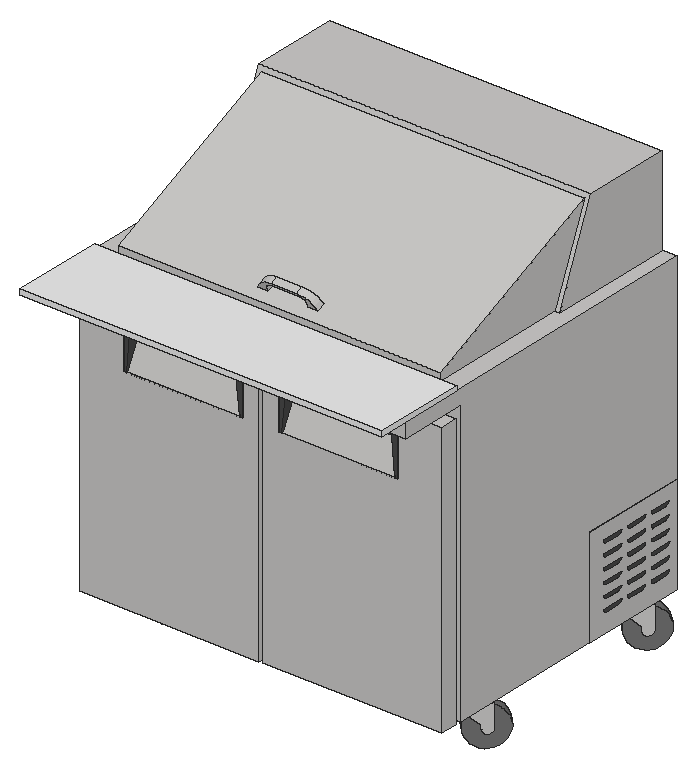
Revit family "QF_Turbo Air_MST-36-159be3134e-3538-442a-8ce9-9fdf3761b3b8", category Specialty Equipment, Revit 2012
Parameters
  Weight in Pounds = 242
  Watermarked By = "http://revitwatermark.com"
  Volts = 115 V
  URL Cutsheet = ""
  URL = "www.turboairinc.com"
  Status [instance] = ""
  Specification by User [instance] = ""
  Specification by Manufacturer [instance] = ""
  Serial Number [instance] = ""
  Revision Code [instance] = ""
  Phase = 1
  Number of Poles [instance] = 1
  NAFEM Spec ID Number [instance] = ""
  Model = "MST-36-15"
  Masterspec [instance] = ""
  Manufacturer = "Turbo Air"  # constant formula
  Legs [instance] = [6 inch Legs]  # no
  Item Number [instance] = "-"
  Installed By [instance] = ""
  HP = "1/3"
  Furnished By [instance] = ""
  Foodservice Equipment Identifier = yes
  FL Amps = 5.5 A
  Electrical Remarks [instance] = ""
  Electric Connection Type [instance] = ""
  Elec Conn RI Height [instance] = 0' - 0"
  Elec Conn Connection Height = 1' - 0"
  Description = "Mega Top Unit"
  Cycle = 60 Hz
  Conn Plug = "NEMA 5-15P"
  Casters [instance] = not(Legs)  # yes
  CasterLeg Height [instance] = if([4 inch Casters], 0' 5", if([5 inch Casters], 0' 5 3/4", if([2_5 inch Casters], 0' 3 3/8", 0' 6")))  # 0' - 5"
  CSI MasterFormat = "11 41 13"
  Assembly Code = "E1090320"
  Apparent Power = if(Phase = 3, Volts * FL Amps * 1.73, Volts * FL Amps)  # 632.5 VA
  6 inch Legs [instance] = no
  5 inch Casters [instance] = no
  4 inch Casters [instance] = yes
  2_5 inch Casters [instance] = no
Reference planes (in)
  plane 1 "BACK": y = 0
  plane 2: z = 0
  plane 3 "LEFT": x = -20.78844
  plane 4 "Bottom": z = 5
  plane 5 "Back Stops": y = 1
  plane 6 "RIGHT": x = 15.58656
  plane 7 "Door Clearance": y = -45.75
  plane 8 "Counter Top": z = 35
  plane 9 "TOP": z = 44
  plane 10 "Top of Door": z = 32.5
  plane 11 "Handle LR": x = -2.60094
  plane 12 "Lid Clearance": z = 50.875
  plane 13 "Front of Ledge": y = -34
  plane 14 "FRONT": y = -37
  plane 15 "Front of Door": y = -29.5
  plane 16 "Front of Box": y = -27.125
  plane 17 "Left of Lid Cover": x = -19.28844
  plane 18 "Left of Lid": x = -18.78844
  plane 19 "Right of Lid Cover": x = 14.08656
  plane 20 "Right of Lid": x = 13.58656
  plane 21: x = -2.41344
  plane 22: x = -2.78844
Forms (in)
  Extrusion 1, solid, material "QF_Finishes_Stainless Steel"
    sketch origin (-20.78844, 0, 0) x (0, 1, 0) y (0, 0, 1)
      loop
        line (0, 5) -> (0, 35) -> (-34, 35) -> (-34, 33.5) -> (-27.125, 33.5) -> (-27.125, 5) -> (0, 5)
    from 0 to 36.375
  Extrusion 2, solid, material "QF_Finishes_Black"
    sketch origin (0, -27.125, 0) x (1, 0, 0) y (0, 0, 1)
      loop
        line (-1.41344, 31.5) -> (-1.41344, 6) -> (14.58656, 6) -> (14.58656, 31.5) -> (-1.41344, 31.5)
      loop
        line (-19.78844, 31.5) -> (-19.78844, 6) -> (-3.78844, 6) -> (-3.78844, 31.5) -> (-19.78844, 31.5)
    from 0 to 0.5625
  Extrusion 3, solid, material "QF_Finishes_Stainless Steel"
    sketch origin (-19.28844, 0, 0) x (0, 1, 0) y (0, 0, 1)
      loop
        line (0, 35) -> (0, 44) -> (-8.875, 44) -> (-12.8125, 35) -> (0, 35)
    from 0 to 33.375
  Extrusion 4, solid, material "QF_Finishes_Stainless Steel"
    sketch origin (-18.78844, 0, 0) x (0, 1, 0) y (0, 0, 1)
      loop
        line (-12.8125, 35) -> (-9.07541, 43.54192) -> (-27.125, 35.75) -> (-27.125, 35) -> (-12.8125, 35)
    from 0 to 32.375
  Extrusion 5, solid, material "QF_Finishes_Stainless Steel"
    sketch origin (-8.25, -9.80904, -0.49896) x (1, 0, 0) y (0, -0.396341, 0.918103)
      loop
        line (7.64906, 40.14331) -> (8.64906, 40.14331)
        arc (8.64906, 40.14331) -> (7.97435, 41.04872) -> (6.89906, 41.39331) r 1.85
        line (6.89906, 41.39331) -> (4.39906, 41.39331)
        arc (4.39906, 41.39331) -> (3.32377, 41.04872) -> (2.64906, 40.14331) r 1.85
        line (2.64906, 40.14331) -> (3.64906, 40.14331) -> (3.64906, 40.64331)
        arc (3.64906, 40.64331) -> (3.79551, 40.99687) -> (4.14906, 41.14331) r 0.5
        line (4.14906, 41.14331) -> (7.14906, 41.14331)
        arc (7.14906, 41.14331) -> (7.50261, 40.99687) -> (7.64906, 40.64331) r 0.5
        line (7.64906, 40.64331) -> (7.64906, 40.14331)
    from -0.375 to 0.375
  Extrusion 6, void
    sketch origin (15.58656, 0, 0) x (0, 1, 0) y (0, 0, 1)
      loop
        line (0, 5) -> (0, 15) -> (-11, 15) -> (-11, 5) -> (0, 5)
    from 0 to -1
  Extrusion 7, solid, material "QF_Finishes_Stainless Steel"
    sketch origin (15.58656, 0, 0) x (0, 1, 0) y (0, 0, 1)
      loop
        line (-10.875, 14.875) -> (-10.875, 5) -> (0, 5) -> (0, 14.875) -> (-10.875, 14.875)
      loop
        arc (-9.25, 13.5) -> (-9.10355, 13.14645) -> (-8.75, 13) r 0.5
        line (-8.75, 13) -> (-7.25, 13)
        arc (-7.25, 13) -> (-6.89645, 13.14645) -> (-6.75, 13.5) r 0.5
        line (-6.75, 13.5) -> (-9.25, 13.5)
      loop
        arc (-6.25, 13.5) -> (-6.10355, 13.14645) -> (-5.75, 13) r 0.5
        line (-5.75, 13) -> (-4.25, 13)
        arc (-4.25, 13) -> (-3.89645, 13.14645) -> (-3.75, 13.5) r 0.5
        line (-3.75, 13.5) -> (-6.25, 13.5)
      loop
        arc (-3.25, 13.5) -> (-3.10355, 13.14645) -> (-2.75, 13) r 0.5
        line (-2.75, 13) -> (-1.25, 13)
        arc (-1.25, 13) -> (-0.89645, 13.14645) -> (-0.75, 13.5) r 0.5
        line (-0.75, 13.5) -> (-3.25, 13.5)
      loop
        arc (-9.25, 12.25) -> (-9.10355, 11.89645) -> (-8.75, 11.75) r 0.5
        line (-8.75, 11.75) -> (-7.25, 11.75)
        arc (-7.25, 11.75) -> (-6.89645, 11.89645) -> (-6.75, 12.25) r 0.5
        line (-6.75, 12.25) -> (-9.25, 12.25)
      loop
        arc (-6.25, 12.25) -> (-6.10355, 11.89645) -> (-5.75, 11.75) r 0.5
        line (-5.75, 11.75) -> (-4.25, 11.75)
        arc (-4.25, 11.75) -> (-3.89645, 11.89645) -> (-3.75, 12.25) r 0.5
        line (-3.75, 12.25) -> (-6.25, 12.25)
      loop
        arc (-3.25, 12.25) -> (-3.10355, 11.89645) -> (-2.75, 11.75) r 0.5
        line (-2.75, 11.75) -> (-1.25, 11.75)
        arc (-1.25, 11.75) -> (-0.89645, 11.89645) -> (-0.75, 12.25) r 0.5
        line (-0.75, 12.25) -> (-3.25, 12.25)
      loop
        arc (-9.25, 11) -> (-9.10355, 10.64645) -> (-8.75, 10.5) r 0.5
        line (-8.75, 10.5) -> (-7.25, 10.5)
        arc (-7.25, 10.5) -> (-6.89645, 10.64645) -> (-6.75, 11) r 0.5
        line (-6.75, 11) -> (-9.25, 11)
      loop
        arc (-6.25, 11) -> (-6.10355, 10.64645) -> (-5.75, 10.5) r 0.5
        line (-5.75, 10.5) -> (-4.25, 10.5)
        arc (-4.25, 10.5) -> (-3.89645, 10.64645) -> (-3.75, 11) r 0.5
        line (-3.75, 11) -> (-6.25, 11)
      loop
        arc (-3.25, 11) -> (-3.10355, 10.64645) -> (-2.75, 10.5) r 0.5
        line (-2.75, 10.5) -> (-1.25, 10.5)
        arc (-1.25, 10.5) -> (-0.89645, 10.64645) -> (-0.75, 11) r 0.5
        line (-0.75, 11) -> (-3.25, 11)
      loop
        arc (-9.25, 9.75) -> (-9.10355, 9.39645) -> (-8.75, 9.25) r 0.5
        line (-8.75, 9.25) -> (-7.25, 9.25)
        arc (-7.25, 9.25) -> (-6.89645, 9.39645) -> (-6.75, 9.75) r 0.5
        line (-6.75, 9.75) -> (-9.25, 9.75)
      loop
        arc (-6.25, 9.75) -> (-6.10355, 9.39645) -> (-5.75, 9.25) r 0.5
        line (-5.75, 9.25) -> (-4.25, 9.25)
        arc (-4.25, 9.25) -> (-3.89645, 9.39645) -> (-3.75, 9.75) r 0.5
        line (-3.75, 9.75) -> (-6.25, 9.75)
      loop
        arc (-3.25, 9.75) -> (-3.10355, 9.39645) -> (-2.75, 9.25) r 0.5
        line (-2.75, 9.25) -> (-1.25, 9.25)
        arc (-1.25, 9.25) -> (-0.89645, 9.39645) -> (-0.75, 9.75) r 0.5
        line (-0.75, 9.75) -> (-3.25, 9.75)
      loop
        arc (-9.25, 8.5) -> (-9.10355, 8.14645) -> (-8.75, 8) r 0.5
        line (-8.75, 8) -> (-7.25, 8)
        arc (-7.25, 8) -> (-6.89645, 8.14645) -> (-6.75, 8.5) r 0.5
        line (-6.75, 8.5) -> (-9.25, 8.5)
      loop
        arc (-6.25, 8.5) -> (-6.10355, 8.14645) -> (-5.75, 8) r 0.5
        line (-5.75, 8) -> (-4.25, 8)
        arc (-4.25, 8) -> (-3.89645, 8.14645) -> (-3.75, 8.5) r 0.5
        line (-3.75, 8.5) -> (-6.25, 8.5)
      loop
        arc (-3.25, 8.5) -> (-3.10355, 8.14645) -> (-2.75, 8) r 0.5
        line (-2.75, 8) -> (-1.25, 8)
        arc (-1.25, 8) -> (-0.89645, 8.14645) -> (-0.75, 8.5) r 0.5
        line (-0.75, 8.5) -> (-3.25, 8.5)
      loop
        arc (-9.25, 7.25) -> (-9.10355, 6.89645) -> (-8.75, 6.75) r 0.5
        line (-8.75, 6.75) -> (-7.25, 6.75)
        arc (-7.25, 6.75) -> (-6.89645, 6.89645) -> (-6.75, 7.25) r 0.5
        line (-6.75, 7.25) -> (-9.25, 7.25)
      loop
        arc (-6.25, 7.25) -> (-6.10355, 6.89645) -> (-5.75, 6.75) r 0.5
        line (-5.75, 6.75) -> (-4.25, 6.75)
        arc (-4.25, 6.75) -> (-3.89645, 6.89645) -> (-3.75, 7.25) r 0.5
        line (-3.75, 7.25) -> (-6.25, 7.25)
      loop
        arc (-3.25, 7.25) -> (-3.10355, 6.89645) -> (-2.75, 6.75) r 0.5
        line (-2.75, 6.75) -> (-1.25, 6.75)
        arc (-1.25, 6.75) -> (-0.89645, 6.89645) -> (-0.75, 7.25) r 0.5
        line (-0.75, 7.25) -> (-3.25, 7.25)
    from 0 to -1
  Extrusion 8, solid, material "QF_Finishes_Black"
    sketch origin (15.58656, 0, 0) x (0, 1, 0) y (0, 0, 1)
      loop
        line (-9.875, 13.95221) -> (-9.875, 6.20221) -> (-0.375, 6.20221) -> (-0.375, 13.95221) -> (-9.875, 13.95221)
    from -0.125 to -1
  Extrusion 9, solid, material "QF_Finishes_Black"
    sketch origin (0, 0, 0) x (1, 0, 0) y (0, 0, 1)
      loop
        circle (-14.66344, 30.1875) r 0.5
      loop
        circle (9.46156, 30.1875) r 0.5
    from 0 to -1
  Extrusion 10, solid, material "QF_Finishes_Stainless Steel"
    sketch origin (0, 0, 0) x (1, 0, 0) y (0, 0, 1)
      loop
        circle (11.58656, 11.125) r 0.25
    from 0 to -0.0625
  Extrusion 11, solid, material "QF_Finishes_White"
    sketch origin (-20.78844, 0, 0) x (0, 1, 0) y (0, 0, 1)
      loop
        line (-37, 35) -> (-27.625, 35) -> (-27.625, 35.5) -> (-37, 35.5) -> (-37, 35)
    from 0 to 36.375
  Extrusion 12, solid, material "QF_Finishes_Clearances", detail levels coarse
    sketch origin (-18.78844, 0, 0) x (0, 1, 0) y (0, 0, 1)
      loop
        arc (-16.49707, 50.65572) -> (-24.34172, 45.00726) -> (-27.125, 35.75) r 15.03231
        line (-27.125, 35.75) -> (-9.42266, 43.39202) -> (-15.77984, 50.875) -> (-16.49707, 50.65572)
    from 0 to 32.375
Cuts and joins
  Extrusion 6 cuts Extrusion 1
Lines and regions (in)
  symbolic lines
    curve 1: line (-20.78844, 0, 35) -> (15.58656, 0, 35)
    curve 2: line (-20.78844, -37, 35) -> (-20.78844, 0, 35)
    curve 3: line (15.58656, -37, 35) -> (-20.78844, -37, 35)
    curve 4: line (15.58656, 0, 35) -> (15.58656, -37, 35)
    curve 5: line (8.96156, 1, 35) -> (9.96156, 1, 35)
    curve 6: line (-15.16344, 1, 35) -> (-14.16344, 1, 35)
    curve 7: line (-15.16344, 1, 35) -> (-15.16344, 0, 35)
    curve 8: line (-14.16344, 1, 35) -> (-14.16344, 0, 35)
    curve 9: line (8.96156, 1, 35) -> (8.96156, 0, 35)
    curve 10: line (9.96156, 1, 35) -> (9.96156, 0, 35)
    curve 11: line (-4.60094, -25.37519, 35) -> (-5.60094, -25.37519, 35)
    curve 12: line (-5.60094, -25.37519, 35) -> (-5.60094, -26.07034, 35)
    curve 13: line (-4.60094, -25.58383, 35) -> (-4.60094, -25.37519, 35)
    curve 14: line (-0.87109, -26.55919, 35) -> (-3.84183, -26.55919, 35)
    curve 15: line (-1.18844, -25.77153, 35) -> (-4.09638, -25.77153, 35)
    curve 16: line (-0.60094, -25.37519, 35) -> (-0.60094, -25.56289, 35)
    curve 17: line (0.39906, -25.37519, 35) -> (-0.60094, -25.37519, 35)
    curve 18: line (0.39906, -26.07034, 35) -> (0.39906, -25.37519, 35)
    curve 19: spline (0.39906, -26.07034, 35) -> (0.34214, -26.14047, 35) -> (0.27337, -26.20706, 35) -> (0.19343, -26.26945, 35) -> (0.10308, -26.32703, 35) -> (0.00323, -26.37924, 35) -> (-0.10517, -26.42556, 35) -> (-0.22104, -26.46556, 35) -> (-0.34327, -26.49882, 35) -> (-0.47065, -26.52504, 35) -> (-0.60194, -26.54395, 35) -> (-0.73585, -26.55537, 35) -> (-0.87109, -26.55919, 35)
    curve 20: spline (-4.09638, -25.77153, 35) -> (-4.16224, -25.76992, 35) -> (-4.22697, -25.76513, 35) -> (-4.28947, -25.75724, 35) -> (-4.34866, -25.74638, 35) -> (-4.40354, -25.73274, 35) -> (-4.45316, -25.71655, 35) -> (-4.49668, -25.69809, 35) -> (-4.53334, -25.67768, 35) -> (-4.56253, -25.65566, 35) -> (-4.58375, -25.63241, 35) -> (-4.59662, -25.60833, 35) -> (-4.60094, -25.58383, 35)
    curve 21: spline (-0.60094, -25.56289, 35) -> (-0.60597, -25.59012, 35) -> (-0.62096, -25.61689, 35) -> (-0.64566, -25.64273, 35) -> (-0.67965, -25.66721, 35) -> (-0.72235, -25.6899, 35) -> (-0.77302, -25.71042, 35) -> (-0.83079, -25.72841, 35) -> (-0.89469, -25.74358, 35) -> (-0.96362, -25.75565, 35) -> (-1.03639, -25.76442, 35) -> (-1.11176, -25.76974, 35) -> (-1.18844, -25.77153, 35)
    curve 22: spline (-3.84183, -26.55919, 35) -> (-4.03654, -26.5553, 35) -> (-4.22906, -26.54368, 35) -> (-4.41725, -26.52446, 35) -> (-4.59897, -26.49785, 35) -> (-4.7722, -26.46415, 35) -> (-4.935, -26.42374, 35) -> (-5.08553, -26.37708, 35) -> (-5.22211, -26.32468, 35) -> (-5.3432, -26.26714, 35) -> (-5.44745, -26.20509, 35) -> (-5.53368, -26.13925, 35) -> (-5.60094, -26.07034, 35)
    curve 49: line (-20.78844, -27.625, 35) -> (15.58656, -27.625, 35)
    curve 50: line (-20.78844, -27.125, 35) -> (15.58656, -27.125, 35)
    curve 147: line (-19.28844, 0, 35) -> (-19.28844, -12.8125, 35)
    curve 148: line (-19.28844, -12.8125, 35) -> (-18.78844, -12.8125, 35)
    curve 149: line (14.08656, 0, 35) -> (14.08656, -12.8125, 35)
    curve 150: line (14.08656, -12.8125, 35) -> (13.58656, -12.8125, 35)
    curve 151: line (14.08656, -8.875, 35) -> (-19.28844, -8.875, 35)
    curve 152: line (-18.78844, -8.875, 35) -> (-18.78844, -27.125, 35)
    curve 153: line (13.58656, -27.125, 35) -> (13.58656, -8.875, 35)
  symbolic lines, style "QF_Clearances", detail levels coarse
    curve 23: line (15.58656, -37, 35) -> (15.58656, -45.75, 35)
    curve 24: arc (15.58656, -45.75, 35) -> (6.74331, -43.40924, 35) -> (0.21613, -37, 35) r 17.875
    curve 154: line (-20.78844, -37, 35) -> (-20.78844, -45.75, 35)
    curve 155: arc (-20.78844, -45.75, 35) -> (-11.94519, -43.40924, 35) -> (-5.41801, -37, 35) r 17.875
  symbolic lines, style "QF_Surface Details"
    curve 25: line (0.44986, -17.58908, 35) -> (0.44986, -13.59725, 35)
    curve 26: line (-5.55014, -17.58908, 35) -> (-5.55014, -13.59725, 35)
    curve 27: line (-4.55014, -12.59725, 35) -> (-0.55014, -12.59725, 35)
    curve 28: line (-4.55014, -18.58908, 35) -> (-0.55014, -18.58908, 35)
    curve 29: arc (-0.55014, -12.59725, 35) -> (0.15697, -12.89014, 35) -> (0.44986, -13.59725, 35) r 1
    curve 30: arc (-4.55014, -12.59725, 35) -> (-5.25724, -12.89014, 35) -> (-5.55014, -13.59725, 35) r 1
    curve 31: arc (-5.55014, -17.58908, 35) -> (-5.25724, -18.29619, 35) -> (-4.55014, -18.58908, 35) r 1
    curve 32: arc (-0.55014, -18.58908, 35) -> (0.15697, -18.29619, 35) -> (0.44986, -17.58908, 35) r 1
    curve 33: line (0.44986, -20.58908, 35) -> (0.44986, -24.51282, 35)
    curve 34: line (-5.55014, -20.48748, 35) -> (-5.55014, -24.58092, 35)
    curve 35: line (-4.55014, -25.58092, 35) -> (-0.61824, -25.58092, 35)
    curve 36: line (-4.65174, -19.58908, 35) -> (-0.55014, -19.58908, 35)
    curve 37: arc (-0.61824, -25.58092, 35) -> (0.13702, -25.26808, 35) -> (0.44986, -24.51282, 35) r 1.0681
    curve 38: arc (-4.55014, -25.58092, 35) -> (-5.25724, -25.28803, 35) -> (-5.55014, -24.58092, 35) r 1
    curve 39: arc (-5.55014, -20.48748, 35) -> (-5.287, -19.85222, 35) -> (-4.65174, -19.58908, 35) r 0.89839
    curve 40: arc (-0.55014, -19.58908, 35) -> (0.15697, -19.88198, 35) -> (0.44986, -20.58908, 35) r 1
    curve 41: line (0.44986, -10.59725, 35) -> (0.44986, -6.60541, 35)
    curve 42: line (-5.55014, -10.59725, 35) -> (-5.55014, -6.60541, 35)
    curve 43: line (-4.55014, -5.60541, 35) -> (-0.55014, -5.60541, 35)
    curve 44: line (-4.55014, -11.59725, 35) -> (-0.55014, -11.59725, 35)
    curve 45: arc (-0.55014, -5.60541, 35) -> (0.15697, -5.8983, 35) -> (0.44986, -6.60541, 35) r 1
    curve 46: arc (-4.55014, -5.60541, 35) -> (-5.25724, -5.8983, 35) -> (-5.55014, -6.60541, 35) r 1
    curve 47: arc (-5.55014, -10.59725, 35) -> (-5.25724, -11.30435, 35) -> (-4.55014, -11.59725, 35) r 1
    curve 48: arc (-0.55014, -11.59725, 35) -> (0.15697, -11.30435, 35) -> (0.44986, -10.59725, 35) r 1
    curve 51: line (6.69986, -17.58908, 35) -> (6.69986, -13.59725, 35)
    curve 52: line (0.69986, -17.58908, 35) -> (0.69986, -13.59725, 35)
    curve 53: line (1.69986, -12.59725, 35) -> (5.69986, -12.59725, 35)
    curve 54: line (1.69986, -18.58908, 35) -> (5.69986, -18.58908, 35)
    curve 55: arc (5.69986, -12.59725, 35) -> (6.40697, -12.89014, 35) -> (6.69986, -13.59725, 35) r 1
    curve 56: arc (1.69986, -12.59725, 35) -> (0.99276, -12.89014, 35) -> (0.69986, -13.59725, 35) r 1
    curve 57: arc (0.69986, -17.58908, 35) -> (0.99276, -18.29619, 35) -> (1.69986, -18.58908, 35) r 1
    curve 58: arc (5.69986, -18.58908, 35) -> (6.40697, -18.29619, 35) -> (6.69986, -17.58908, 35) r 1
    curve 59: line (6.69986, -20.58908, 35) -> (6.69986, -24.51282, 35)
    curve 60: line (0.69986, -20.48748, 35) -> (0.69986, -24.58092, 35)
    curve 61: line (1.69986, -25.58092, 35) -> (5.63176, -25.58092, 35)
    curve 62: line (1.59826, -19.58908, 35) -> (5.69986, -19.58908, 35)
    curve 63: arc (5.63176, -25.58092, 35) -> (6.38702, -25.26808, 35) -> (6.69986, -24.51282, 35) r 1.0681
    curve 64: arc (1.69986, -25.58092, 35) -> (0.99276, -25.28803, 35) -> (0.69986, -24.58092, 35) r 1
    curve 65: arc (0.69986, -20.48748, 35) -> (0.963, -19.85222, 35) -> (1.59826, -19.58908, 35) r 0.89839
    curve 66: arc (5.69986, -19.58908, 35) -> (6.40697, -19.88198, 35) -> (6.69986, -20.58908, 35) r 1
    curve 67: line (6.69986, -10.59725, 35) -> (6.69986, -6.60541, 35)
    curve 68: line (0.69986, -10.59725, 35) -> (0.69986, -6.60541, 35)
    curve 69: line (1.69986, -5.60541, 35) -> (5.69986, -5.60541, 35)
    curve 70: line (1.69986, -11.59725, 35) -> (5.69986, -11.59725, 35)
    curve 71: arc (5.69986, -5.60541, 35) -> (6.40697, -5.8983, 35) -> (6.69986, -6.60541, 35) r 1
    curve 72: arc (1.69986, -5.60541, 35) -> (0.99276, -5.8983, 35) -> (0.69986, -6.60541, 35) r 1
    curve 73: arc (0.69986, -10.59725, 35) -> (0.99276, -11.30435, 35) -> (1.69986, -11.59725, 35) r 1
    curve 74: arc (5.69986, -11.59725, 35) -> (6.40697, -11.30435, 35) -> (6.69986, -10.59725, 35) r 1
    curve 75: line (12.94986, -17.58908, 35) -> (12.94986, -13.59725, 35)
    curve 76: line (6.94986, -17.58908, 35) -> (6.94986, -13.59725, 35)
    curve 77: line (7.94986, -12.59725, 35) -> (11.94986, -12.59725, 35)
    curve 78: line (7.94986, -18.58908, 35) -> (11.94986, -18.58908, 35)
    curve 79: arc (11.94986, -12.59725, 35) -> (12.65697, -12.89014, 35) -> (12.94986, -13.59725, 35) r 1
    curve 80: arc (7.94986, -12.59725, 35) -> (7.24276, -12.89014, 35) -> (6.94986, -13.59725, 35) r 1
    curve 81: arc (6.94986, -17.58908, 35) -> (7.24276, -18.29619, 35) -> (7.94986, -18.58908, 35) r 1
    curve 82: arc (11.94986, -18.58908, 35) -> (12.65697, -18.29619, 35) -> (12.94986, -17.58908, 35) r 1
    curve 83: line (12.94986, -20.58908, 35) -> (12.94986, -24.51282, 35)
    curve 84: line (6.94986, -20.48748, 35) -> (6.94986, -24.58092, 35)
    curve 85: line (7.94986, -25.58092, 35) -> (11.88176, -25.58092, 35)
    curve 86: line (7.84826, -19.58908, 35) -> (11.94986, -19.58908, 35)
    curve 87: arc (11.88176, -25.58092, 35) -> (12.63702, -25.26808, 35) -> (12.94986, -24.51282, 35) r 1.0681
    curve 88: arc (7.94986, -25.58092, 35) -> (7.24276, -25.28803, 35) -> (6.94986, -24.58092, 35) r 1
    curve 89: arc (6.94986, -20.48748, 35) -> (7.213, -19.85222, 35) -> (7.84826, -19.58908, 35) r 0.89839
    curve 90: arc (11.94986, -19.58908, 35) -> (12.65697, -19.88198, 35) -> (12.94986, -20.58908, 35) r 1
    curve 91: line (12.94986, -10.59725, 35) -> (12.94986, -6.60541, 35)
    curve 92: line (6.94986, -10.59725, 35) -> (6.94986, -6.60541, 35)
    curve 93: line (7.94986, -5.60541, 35) -> (11.94986, -5.60541, 35)
    curve 94: line (7.94986, -11.59725, 35) -> (11.94986, -11.59725, 35)
    curve 95: arc (11.94986, -5.60541, 35) -> (12.65697, -5.8983, 35) -> (12.94986, -6.60541, 35) r 1
    curve 96: arc (7.94986, -5.60541, 35) -> (7.24276, -5.8983, 35) -> (6.94986, -6.60541, 35) r 1
    curve 97: arc (6.94986, -10.59725, 35) -> (7.24276, -11.30435, 35) -> (7.94986, -11.59725, 35) r 1
    curve 98: arc (11.94986, -11.59725, 35) -> (12.65697, -11.30435, 35) -> (12.94986, -10.59725, 35) r 1
    curve 99: line (-11.90174, -17.58908, 35) -> (-11.90174, -13.59725, 35)
    curve 100: line (-5.90174, -17.58908, 35) -> (-5.90174, -13.59725, 35)
    curve 101: line (-6.90174, -12.59725, 35) -> (-10.90174, -12.59725, 35)
    curve 102: line (-6.90174, -18.58908, 35) -> (-10.90174, -18.58908, 35)
    curve 103: arc (-10.90174, -12.59725, 35) -> (-11.60885, -12.89014, 35) -> (-11.90174, -13.59725, 35) r 1
    curve 104: arc (-6.90174, -12.59725, 35) -> (-6.19464, -12.89014, 35) -> (-5.90174, -13.59725, 35) r 1
    curve 105: arc (-5.90174, -17.58908, 35) -> (-6.19464, -18.29619, 35) -> (-6.90174, -18.58908, 35) r 1
    curve 106: arc (-10.90174, -18.58908, 35) -> (-11.60885, -18.29619, 35) -> (-11.90174, -17.58908, 35) r 1
    curve 107: line (-11.90174, -20.58908, 35) -> (-11.90174, -24.51282, 35)
    curve 108: line (-5.90174, -20.48748, 35) -> (-5.90174, -24.58092, 35)
    curve 109: line (-6.90174, -25.58092, 35) -> (-10.83364, -25.58092, 35)
    curve 110: line (-6.80014, -19.58908, 35) -> (-10.90174, -19.58908, 35)
    curve 111: arc (-10.83364, -25.58092, 35) -> (-11.5889, -25.26808, 35) -> (-11.90174, -24.51282, 35) r 1.0681
    curve 112: arc (-6.90174, -25.58092, 35) -> (-6.19464, -25.28803, 35) -> (-5.90174, -24.58092, 35) r 1
    curve 113: arc (-5.90174, -20.48748, 35) -> (-6.16488, -19.85222, 35) -> (-6.80014, -19.58908, 35) r 0.89839
    curve 114: arc (-10.90174, -19.58908, 35) -> (-11.60885, -19.88198, 35) -> (-11.90174, -20.58908, 35) r 1
    curve 115: line (-11.90174, -10.59725, 35) -> (-11.90174, -6.60541, 35)
    curve 116: line (-5.90174, -10.59725, 35) -> (-5.90174, -6.60541, 35)
    curve 117: line (-6.90174, -5.60541, 35) -> (-10.90174, -5.60541, 35)
    curve 118: line (-6.90174, -11.59725, 35) -> (-10.90174, -11.59725, 35)
    curve 119: arc (-10.90174, -5.60541, 35) -> (-11.60885, -5.8983, 35) -> (-11.90174, -6.60541, 35) r 1
    curve 120: arc (-6.90174, -5.60541, 35) -> (-6.19464, -5.8983, 35) -> (-5.90174, -6.60541, 35) r 1
    curve 121: arc (-5.90174, -10.59725, 35) -> (-6.19464, -11.30435, 35) -> (-6.90174, -11.59725, 35) r 1
    curve 122: arc (-10.90174, -11.59725, 35) -> (-11.60885, -11.30435, 35) -> (-11.90174, -10.59725, 35) r 1
    curve 123: line (-18.15174, -17.58908, 35) -> (-18.15174, -13.59725, 35)
    curve 124: line (-12.15174, -17.58908, 35) -> (-12.15174, -13.59725, 35)
    curve 125: line (-13.15174, -12.59725, 35) -> (-17.15174, -12.59725, 35)
    curve 126: line (-13.15174, -18.58908, 35) -> (-17.15174, -18.58908, 35)
    curve 127: arc (-17.15174, -12.59725, 35) -> (-17.85885, -12.89014, 35) -> (-18.15174, -13.59725, 35) r 1
    curve 128: arc (-13.15174, -12.59725, 35) -> (-12.44464, -12.89014, 35) -> (-12.15174, -13.59725, 35) r 1
    curve 129: arc (-12.15174, -17.58908, 35) -> (-12.44464, -18.29619, 35) -> (-13.15174, -18.58908, 35) r 1
    curve 130: arc (-17.15174, -18.58908, 35) -> (-17.85885, -18.29619, 35) -> (-18.15174, -17.58908, 35) r 1
    curve 131: line (-18.15174, -20.58908, 35) -> (-18.15174, -24.51282, 35)
    curve 132: line (-12.15174, -20.48748, 35) -> (-12.15174, -24.58092, 35)
    curve 133: line (-13.15174, -25.58092, 35) -> (-17.08364, -25.58092, 35)
    curve 134: line (-13.05014, -19.58908, 35) -> (-17.15174, -19.58908, 35)
    curve 135: arc (-17.08364, -25.58092, 35) -> (-17.8389, -25.26808, 35) -> (-18.15174, -24.51282, 35) r 1.0681
    curve 136: arc (-13.15174, -25.58092, 35) -> (-12.44464, -25.28803, 35) -> (-12.15174, -24.58092, 35) r 1
    curve 137: arc (-12.15174, -20.48748, 35) -> (-12.41488, -19.85222, 35) -> (-13.05014, -19.58908, 35) r 0.89839
    curve 138: arc (-17.15174, -19.58908, 35) -> (-17.85885, -19.88198, 35) -> (-18.15174, -20.58908, 35) r 1
    curve 139: line (-18.15174, -10.59725, 35) -> (-18.15174, -6.60541, 35)
    curve 140: line (-12.15174, -10.59725, 35) -> (-12.15174, -6.60541, 35)
    curve 141: line (-13.15174, -5.60541, 35) -> (-17.15174, -5.60541, 35)
    curve 142: line (-13.15174, -11.59725, 35) -> (-17.15174, -11.59725, 35)
    curve 143: arc (-17.15174, -5.60541, 35) -> (-17.85885, -5.8983, 35) -> (-18.15174, -6.60541, 35) r 1
    curve 144: arc (-13.15174, -5.60541, 35) -> (-12.44464, -5.8983, 35) -> (-12.15174, -6.60541, 35) r 1
    curve 145: arc (-12.15174, -10.59725, 35) -> (-12.44464, -11.30435, 35) -> (-13.15174, -11.59725, 35) r 1
    curve 146: arc (-17.15174, -11.59725, 35) -> (-17.85885, -11.30435, 35) -> (-18.15174, -10.59725, 35) r 1
Dimensions and locks (in)
  "CasterLeg Height": plane 4 "Bottom" to plane 2
  locked: plane 1 "BACK" to plane 5 "Back Stops" at 1
  locked: plane 6 "RIGHT" to plane 3 "LEFT" at 36.375
  plane 7 "Door Clearance" to plane 1 "BACK" = 3' - 9 3/4"
  locked: plane 9 "TOP" to plane 8 "Counter Top" at 9
  locked: plane 8 "Counter Top" to plane 4 "Bottom" at 30
  locked: plane 10 "Top of Door" to plane 4 "Bottom" at 27.5
  locked: plane 10 "Top of Door" to Extrusion 2 sketch curve at 1  (x2)
  locked: Extrusion 2 sketch curve to plane 4 "Bottom" at 1  (x2)
  locked: Extrusion 2 sketch curve to plane 6 "RIGHT" at 1
  locked: plane 12 "Lid Clearance" to plane 8 "Counter Top" at 15.875
  locked: Extrusion 6 sketch curve to plane 1 "BACK" at 11
  locked: Extrusion 6 sketch curve to plane 4 "Bottom" at 10
  locked: plane 4 "Bottom" to Extrusion 7 sketch curve at 9.875
  locked: Extrusion 7 sketch curve to plane 1 "BACK" at 10.875
  locked: Extrusion 8 sketch curve to Extrusion 8 sketch curve at 7.75
  locked: Extrusion 8 sketch curve to plane 4 "Bottom" at 1.20221
  locked: Extrusion 8 sketch curve to Extrusion 8 sketch curve at 9.5
  locked: Extrusion 8 sketch curve to plane 1 "BACK" at 0.375
  locked: nested 1 to plane 1 "BACK" at 2.5625
  locked: plane 3 "LEFT" to nested 1 at 2.5
  locked: plane 3 "LEFT" to nested 2 at 2.5
  locked: nested 3 to plane 6 "RIGHT" at 2.5
  locked: nested 4 to plane 6 "RIGHT" at 2.5
  locked: nested 3 to plane 1 "BACK" at 2.5625
  locked: plane 8 "Counter Top" to Extrusion 9 sketch curve at 4.8125  (x2)
  locked: plane 6 "RIGHT" to Extrusion 9 sketch curve at 6.125
  locked: Extrusion 9 sketch curve to plane 3 "LEFT" at 6.125
  locked: Extrusion 10 sketch curve to plane 4 "Bottom" at 6.125
  locked: plane 6 "RIGHT" to Extrusion 10 sketch curve at 4
  locked: plane 13 "Front of Ledge" to plane 1 "BACK" at 34
  locked: plane 14 "FRONT" to plane 13 "Front of Ledge" at 3
  locked: plane 13 "Front of Ledge" to plane 15 "Front of Door" at 4.5
  locked: plane 15 "Front of Door" to plane 16 "Front of Box" at 2.375
  locked: Extrusion 1 sketch curve to plane 8 "Counter Top" at 1.5
  locked: Extrusion 11 sketch curve to plane 14 "FRONT" at 9.375
  locked: Extrusion 11 sketch curve to plane 8 "Counter Top" at 0.5
  locked: plane 1 "BACK" to Extrusion 3 sketch curve at 12.8125
  locked: plane 1 "BACK" to Extrusion 3 sketch curve at 8.875
  locked: plane 1 "BACK" to Extrusion 4 sketch curve at 12.8125
  locked: plane 9 "TOP" to Extrusion 4 sketch curve at 0.45808
  locked: Extrusion 4 sketch curve to plane 8 "Counter Top" at 0.75
  locked: plane 1 "BACK" to Extrusion 4 sketch curve at 9.07541
  locked: plane 12 "Lid Clearance" to Extrusion 12 sketch curve at 0.21928
  locked: plane 9 "TOP" to Extrusion 12 sketch curve at 0.60798
  locked: Extrusion 12 sketch curve to plane 8 "Counter Top" at 0.75
  locked: Extrusion 5 to plane 8 "Counter Top" at 2.65301
  locked: Extrusion 5 to plane 8 "Counter Top" at 2.35576
  locked: plane 3 "LEFT" to plane 17 "Left of Lid Cover" at 1.5
  locked: plane 17 "Left of Lid Cover" to plane 18 "Left of Lid" at 0.5
  equal spacing: plane 17 "Left of Lid Cover", plane 11 "Handle LR", plane 19 "Right of Lid Cover"
  locked: plane 19 "Right of Lid Cover" to plane 6 "RIGHT" at 1.5
  locked: plane 20 "Right of Lid" to plane 19 "Right of Lid Cover" at 0.5
  locked: Extrusion 2 sketch curve to plane 21 at 1
  locked: Extrusion 2 sketch curve to plane 22 at 1
  locked: Extrusion 2 sketch curve to plane 3 "LEFT" at 1
  aligned and locked: level to plane 2
  aligned and locked: Extrusion 1 sketch curve to plane 1 "BACK"
  aligned and locked: Extrusion 1 sketch curve to plane 4 "Bottom"
  aligned and locked: plane 6 "RIGHT" to Extrusion 1
  aligned and locked: Extrusion 1 sketch curve to plane 8 "Counter Top"
  aligned and locked: Extrusion 3 sketch curve to plane 9 "TOP"
  aligned and locked: plane 1 "BACK" to Extrusion 3 sketch curve
  aligned and locked: Extrusion 6 sketch curve to plane 1 "BACK"
  aligned and locked: Extrusion 6 sketch curve to plane 4 "Bottom"
  aligned and locked: Extrusion 9 to plane 5 "Back Stops"
  aligned and locked: plane 1 "BACK" to curve 1
  aligned and locked: curve 4 to plane 6 "RIGHT"
  aligned and locked: plane 3 "LEFT" to curve 2
  aligned and locked: curve 5 to Extrusion 9
  aligned and locked: curve 6 to Extrusion 9
  aligned and locked: curve 11 to Extrusion 5
  aligned and locked: curve 12 to Extrusion 5
  aligned and locked: Extrusion 5 to curve 13
  aligned and locked: curve 14 to Extrusion 5
  aligned and locked: Extrusion 5 to curve 15
  aligned and locked: curve 16 to Extrusion 5
  aligned and locked: curve 17 to Extrusion 5
  aligned and locked: curve 18 to Extrusion 5
  aligned and locked: plane 13 "Front of Ledge" to Extrusion 1 sketch curve
  aligned and locked: Extrusion 1 sketch curve to plane 16 "Front of Box"
  aligned and locked: plane 14 "FRONT" to Extrusion 11 sketch curve
  aligned and locked: Extrusion 11 sketch curve to plane 8 "Counter Top"
  aligned and locked: plane 6 "RIGHT" to Extrusion 11
  aligned and locked: Extrusion 3 sketch curve to plane 8 "Counter Top"
  aligned and locked: plane 16 "Front of Box" to Extrusion 4 sketch curve
  aligned and locked: Extrusion 4 sketch curve to plane 8 "Counter Top"
  aligned and locked: Extrusion 4 to Extrusion 12 sketch curve
  aligned and locked: plane 12 "Lid Clearance" to Extrusion 12 sketch curve
  aligned and locked: plane 19 "Right of Lid Cover" to Extrusion 3
  aligned and locked: plane 20 "Right of Lid" to Extrusion 12
  aligned and locked: plane 20 "Right of Lid" to Extrusion 4
  aligned and locked: plane 4 "Bottom" to nested 6
  aligned and locked: nested 5 to plane 4 "Bottom"
Automatic sketch dimensions
  Extrusion 7 sketch curve to plane 1 "BACK" = 0' - 0"
  Extrusion 7 sketch curve to plane 4 "Bottom" = 0' - 0"
  Extrusion 7 sketch curve to Extrusion 7 sketch curve = 0' - 1 5/8"
  Extrusion 7 sketch curve to Extrusion 7 sketch curve = 0' - 0"  (x16)
  Extrusion 7 sketch curve to Extrusion 7 sketch curve = 0' - 0 1/2"  (x31)
  Extrusion 7 sketch curve to Extrusion 7 sketch curve = 0' - 1 1/2"  (x4)
  plane 1 "BACK" to Extrusion 7 sketch curve = 0' - 1 1/4"  (x3)
  plane 4 "Bottom" to Extrusion 7 sketch curve = 0' - 1 3/4"  (x2)
  Extrusion 7 sketch curve to Extrusion 7 sketch curve = 0' - 0 3/4"  (x15)
  Extrusion 5 sketch curve to plane 11 "Handle LR" = 0' - 3"
  Extrusion 5 sketch curve to Extrusion 5 sketch curve = 0' - 1"  (x2)
  Extrusion 5 sketch curve to Extrusion 5 sketch curve = 0' - 0 1/2"  (x3)
  Extrusion 5 sketch curve to Extrusion 5 sketch curve = 0' - 0 3/4"
  plane 11 "Handle LR" to Extrusion 5 sketch curve = 0' - 1 1/4"
  Extrusion 5 sketch curve to Extrusion 5 sketch curve = 0' - 0 1/4"
  Extrusion 5 sketch curve to Extrusion 5 sketch curve = 0' - 0"
  Extrusion 5 sketch curve to Extrusion 5 sketch curve = 0' - 0.6"
  Extrusion 12 sketch curve to Extrusion 12 sketch curve = 0' - 7.07441"
  Extrusion 12 sketch curve to Extrusion 12 sketch curve = 0' - 0.71723"
  plane 8 "Counter Top" to Extrusion 12 sketch curve = 0' - 1.28026"
  plane 7 "Door Clearance" to curve 155 = 0' - 0"
  plane 7 "Door Clearance" to curve 24 = 0' - 0"
  plane 14 "FRONT" to curve 3 = 0' - 0"
  plane 16 "Front of Box" to curve 50 = 0' - 0"
  curve 148 to plane 18 "Left of Lid" = 0' - 0"
  curve 150 to plane 19 "Right of Lid Cover" = 0' - 0"
  curve 150 to plane 20 "Right of Lid" = 0' - 0"
  curve 147 to plane 17 "Left of Lid Cover" = 0' - 0"
  curve 155 to curve 50 = 0' - 0 3/4"
  curve 24 to curve 50 = 0' - 0 3/4"
  curve 155 to curve 49 = 0' - 0 1/4"
  curve 19 to curve 17 = 0' - 0.69515"
  curve 22 to curve 11 = 0' - 0.69515"
  plane 21 to curve 22 = 0' - 0.4125"
  curve 22 to curve 21 = 0' - 0.0945"
  curve 18 to curve 19 = 0' - 0.29334"
  curve 13 to curve 11 = 0' - 0.20864"
  curve 133 to plane 16 "Front of Box" = 0' - 1.54408"
  curve 111 to plane 16 "Front of Box" = 0' - 1.54408"
  curve 20 to curve 38 = 0' - 0.00291"
  curve 87 to plane 16 "Front of Box" = 0' - 1.54408"
  curve 19 to curve 64 = 0' - 0.19607"
  curve 15 to curve 21 = 0' - 0.20864"
  curve 17 to curve 64 = 0' - 0.79427"
  curve 136 to curve 132 = 0' - 1"
  curve 11 to curve 108 = 0' - 0.79427"
  curve 108 to curve 38 = 0' - 0"
  curve 88 to curve 88 = 0' - 1"
  curve 16 to curve 37 = 0' - 0.86237"
  curve 63 to curve 63 = 0' - 1.0681"
  plane 18 "Left of Lid" to curve 135 = 0' - 0.6367"
  curve 135 to curve 135 = 0' - 1.0681"
  curve 83 to plane 20 "Right of Lid" = 0' - 0.6367"
  curve 87 to curve 83 = 0' - 1.0681"
  curve 132 to curve 107 = 0' - 0.0681"
  curve 33 to curve 40 = 0' - 3.92374"
  curve 135 to curve 131 = 0' - 3.92374"
  curve 83 to curve 83 = 0' - 3.92374"
  curve 63 to curve 66 = 0' - 3.92374"
  curve 111 to curve 107 = 0' - 3.92374"
  curve 107 to curve 137 = 0' - 0.10161"
  curve 59 to curve 89 = 0' - 0.10161"
  curve 33 to curve 65 = 0' - 0.10161"
  curve 34 to curve 39 = 0' - 4.09345"
  curve 113 to curve 39 = 0' - 0"
  curve 114 to curve 114 = 0' - 1"
  curve 90 to curve 86 = 0' - 1"
  curve 39 to curve 36 = 0' - 0.89839"
  curve 138 to curve 138 = 0' - 1"
  curve 66 to curve 66 = 0' - 1"
  curve 134 to curve 126 = 0' - 1"
  curve 39 to curve 28 = 0' - 1"
  curve 110 to curve 102 = 0' - 1"
  curve 86 to curve 78 = 0' - 1"
  curve 62 to curve 58 = 0' - 1"
  curve 31 to curve 31 = 0' - 1"
  curve 28 to curve 32 = 0' - 1"
  plane 18 "Left of Lid" to curve 130 = 0' - 0.6367"
  curve 126 to curve 130 = 0' - 1"
  curve 129 to curve 129 = 0' - 1"
  curve 129 to curve 99 = 0' - 0"
  curve 75 to plane 20 "Right of Lid" = 0' - 0.6367"
  curve 78 to curve 75 = 0' - 1"
  curve 54 to curve 51 = 0' - 1"
  curve 58 to curve 76 = 0' - 0"
  curve 32 to curve 52 = 0' - 0"
  curve 105 to curve 31 = 0' - 0"
  curve 76 to curve 80 = 0' - 3.99184"
  curve 100 to curve 104 = 0' - 3.99184"
  curve 75 to curve 79 = 0' - 3.99184"
  curve 52 to curve 56 = 0' - 3.99184"
  curve 55 to curve 80 = 0' - 0"
  curve 130 to curve 123 = 0' - 3.99184"
  curve 129 to curve 128 = 0' - 3.99184"
  curve 104 to curve 30 = 0' - 0"
  curve 29 to curve 56 = 0' - 0"
  curve 128 to curve 103 = 0' - 0"
  curve 123 to curve 148 = 0' - 0.78475"
  curve 75 to curve 150 = 0' - 0.78475"
  curve 127 to curve 125 = 0' - 1"
  curve 55 to curve 53 = 0' - 1"
  curve 80 to curve 77 = 0' - 1"
  curve 30 to curve 27 = 0' - 1"
  curve 104 to curve 101 = 0' - 1"
  curve 27 to curve 44 = 0' - 1"
  curve 80 to curve 94 = 0' - 1"
  curve 53 to curve 74 = 0' - 1"
  curve 128 to curve 142 = 0' - 1"
  curve 101 to curve 122 = 0' - 1"
  curve 91 to plane 20 "Right of Lid" = 0' - 0.6367"
  curve 94 to curve 91 = 0' - 1"
  curve 70 to curve 67 = 0' - 1"
  curve 70 to curve 68 = 0' - 1"
  curve 142 to curve 146 = 0' - 1"
  curve 142 to curve 145 = 0' - 1"
  curve 145 to curve 115 = 0' - 0"
  curve 118 to curve 116 = 0' - 1"
  curve 94 to curve 97 = 0' - 1"
  curve 41 to curve 73 = 0' - 0"
  curve 121 to curve 42 = 0' - 0"
  curve 98 to curve 151 = 0' - 1.72225"
  curve 67 to curve 71 = 0' - 3.99184"
  curve 42 to curve 46 = 0' - 3.99184"
  curve 153 to curve 95 = 0' - 2.26959"
  curve 122 to curve 115 = 0' - 3.99184"
  curve 41 to curve 45 = 0' - 3.99184"
  curve 144 to curve 115 = 0' - 0"
  curve 120 to curve 46 = 0' - 0"
  curve 41 to curve 72 = 0' - 0"
  plane 18 "Left of Lid" to curve 143 = 0' - 0.6367"
  curve 152 to curve 143 = 0' - 2.26959"
  curve 67 to curve 92 = 0' - 0"
  curve 119 to curve 117 = 0' - 1"
  curve 71 to curve 69 = 0' - 1"
  curve 95 to curve 93 = 0' - 1"
  curve 144 to curve 141 = 0' - 1"
  curve 46 to curve 43 = 0' - 1"
  curve 5 to plane 20 "Right of Lid" = 0' - 3 5/8"
  curve 10 to curve 9 = 0' - 1"
  curve 87 to curve 88 = 0' - 3.9319"
  curve 98 to curve 94 = 0' - 4"
  curve 81 to curve 86 = 0' - 0.10161"
  curve 84 to curve 66 = 0' - 0 1/4"
  curve 97 to curve 67 = 0' - 0 1/4"
  curve 76 to curve 58 = 0' - 0 1/4"
  curve 69 to curve 69 = 0' - 4"
  curve 64 to curve 17 = 0' - 1.3008"
  curve 57 to curve 62 = 0' - 0.10161"
  curve 19 to curve 18 = 0' - 0.1"
  curve 73 to curve 48 = 0' - 0 1/4"
  curve 60 to curve 37 = 0' - 0 1/4"
  curve 56 to curve 25 = 0' - 0 1/4"
  curve 19 to curve 15 = 0' - 0.31735"
  curve 20 to curve 22 = 0' - 0 1/4"
  curve 38 to curve 11 = 0' - 0.0508"
  plane 22 to curve 47 = 0' - 1.7617"
  curve 31 to curve 39 = 0' - 0.10161"
  curve 46 to curve 120 = 0' - 0.35161"
  curve 39 to curve 108 = 0' - 0.35161"
  curve 31 to curve 105 = 0' - 0.35161"
  curve 112 to curve 111 = 0' - 3.9319"
  curve 118 to curve 122 = 0' - 4"
  curve 106 to curve 110 = 0' - 0"
  curve 107 to curve 136 = 0' - 0 1/4"
  curve 122 to curve 140 = 0' - 0 1/4"
  curve 106 to curve 129 = 0' - 0 1/4"
  plane 18 "Left of Lid" to curve 8 = 0' - 4 5/8"
  curve 6 to curve 6 = 0' - 1"
  radius of Extrusion 9 sketch curve = 0' - 0 1/2"  (x2)
  radius of Extrusion 10 sketch curve = 0' - 0 1/4"
Nested families (in)
  nested 1: "FESCasterLeg" at (-18.28844, -2.5625, 0), Legs <- "Legs", Casters <- "Casters", Height <- "CasterLeg Height", type "FESCasterLeg"
    with Legs no, Height 0' - 5", Casters yes, Caster Radius 0' - 2"
  nested 2: "FESCasterLeg" at (-18.28844, -22.75, 0), Legs <- "Legs", Casters <- "Casters", Height <- "CasterLeg Height", type "FESCasterLeg"
    with Legs no, Height 0' - 5", Casters yes, Caster Radius 0' - 2"
  nested 3: "FESCasterLeg" at (13.08656, -2.5625, 0), Legs <- "Legs", Casters <- "Casters", Height <- "CasterLeg Height", type "FESCasterLeg"
    with Legs no, Height 0' - 5", Casters yes, Caster Radius 0' - 2"
  nested 4: "FESCasterLeg" at (13.08656, -22.75, 0), Legs <- "Legs", Casters <- "Casters", Height <- "CasterLeg Height", type "FESCasterLeg"
    with Legs no, Height 0' - 5", Casters yes, Caster Radius 0' - 2"
  nested 5: "QF_Turbo Air_TBL_Door-1" at (-5.61177, -27.6875, 5), type "QF_Turbo Air_TBL_Door-1"
    with Width 1' - 6", Symbolic Lines no, Height 2' - 3 1/2", Handle Width 1' - 0", Depth 0' - 1 13/16"
  nested 6: "QF_Turbo Air_TBL_Door-1" at (0.40989, -27.6875, 5) x (-1, 0, 0) z (0, 0, 1), type "QF_Turbo Air_TBL_Door-1"
    with Width 1' - 6", Symbolic Lines no, Height 2' - 3 1/2", Handle Width 1' - 0", Depth 0' - 1 13/16"
Connectors (in)
  electrical at (11.58656, 0.0625, 11.125), driven by "Number of Poles", driven by "Volts", driven by "Apparent Power"
    settings: on Extrusion 10, index 1, voltage 115 V, apparent load 632.5 VA, apparent load phase1 0 VA, apparent load phase2 0 VA, apparent load phase3 0 VA, power factor 1, load classification "Other", number of poles 1, system type 30, power factor state 1, is connector primary yes, connector utility no, sub classification motor no, connector description ""
Definition of nested family "FESCasterLeg"
  Parameters (values of type "FESCasterLeg")
    Watermarked By = "http://revitwatermark.com"
    Type Comments = "⍁⍉⌁⌀⏭⎽⌇⍠⌜⍉⎖⌥⌦⌯⍭⏊⍻⍿⍊⏵⍊⏗⏠⍴⎡⌈⎀⍠⌓⌤⏘⎐⍀⌐⏬⏁⎈⏍⏦⎒⏬⌝⍩⍇⌣〈⎫〉⎁⏊⍥⍖⍥⍝⍦⌖⍀⏌⏭⎝⎼⏷⏞⍻⏯⎽⏷⏞⍻⏯⎽⏷⎺⌻⎝⍎⌧⏷⏟⏿⌿⍜⍦⍤⌁⍬⏶⏎⍊⏚⏉⎞⌡⎀⎪⏈⌟⌿⍾⍼⌟⌿⌢⌞⏜⏝⎽⍷⍷⍯⍧⍷⌯⍽⏸⏨⏾⏎⌣⏺⍹⏼⏅⎏⌽⎫⎪⍙⎓⏗⎗⏅⌴⍏⍏⍿⏑⎺⍘⌭⏲⍥⎛⎾⎾⍞⍌⎪⎲⌙⎥⏏⎟⎟⏼⏘⎏⎝⏧⏍⏁⍏⍧⏯⏾⌟"
    Legs [instance] = yes
    Height [instance] = 0' - 6"
    Caster Radius [instance] = if(Height < 0' 3", 0' 1", (Height / 2) - 0' 0 1/2")  # 0' - 2 1/2"
    Casters [instance] = yes
    Assembly Code = ""
  Reference planes (in)
    plane 1 "Center (Front/Back)": y = 0
    plane 2: z = 0
    plane 3 "Center (Left/Right)": x = 0
    plane 4: z = 6
    plane 5: z = 5.5
  Forms (in)
    Extrusion 1, solid, material "QF_Finishes_Stainless Steel", visible <- "Casters"
      sketch origin (-24.12131, -22.88887, 10.18833) x (0.707107, 0.707107, 0) y (0, 0, 1)
        loop
          line (34.98772, -7.68833) -> (34.98772, -4.93833) -> (34.48772, -4.93833) -> (34.39402, -4.68833) -> (32.39402, -4.68833) -> (32.39402, -5.43833) -> (33.98772, -7.34206) -> (33.98772, -7.68833)
          arc (33.98772, -7.68833) -> (34.48772, -8.18833) -> (34.98772, -7.68833) r 0.5
      from 0 to 1.75
    Extrusion 2, solid, material "QF_Finishes_Rubber Black", visible <- "Casters"
      sketch origin (-24.32327, -23.09083, 13.31461) x (0.707107, 0.707107, 0) y (0, 0, 1)
        loop
          circle (34.77334, -10.81461) r 2.5
      from 0.375 to 1.375
    Extrusion 3, solid, material "QF_Finishes_Stainless Steel", visible <- "Casters"
      sketch origin (-7.24148, -8.48391, 0) x (0.707107, 0.707107, 0) y (0, 0, 1)
        loop
          line (10.61603, 5.5) -> (11.61603, 5.5) -> (11.61603, 6) -> (10.61603, 6) -> (10.61603, 5.5)
      from 0 to -1.75
    Blend 4, solid, material "QF_Finishes_Stainless Steel", visible <- "Legs"
      base sketch origin (0, 0, 0) x (1, 0, 0) y (0, 1, 0)
        loop
          circle (0, 0) r 0.5
      top sketch origin (0, 0, 0) x (1, 0, 0) y (0, 1, 0)
        loop
          circle (0, 0) r 1
      from 0 to 6 <- "Height"
  Lines and regions (in)
    symbolic lines, style "QF_Hidden Details", visible <- "Casters", built-in parameter 1006206 <- "Casters"
      curve 1: line (-1.26158, -0.51911, 0) -> (1.39007, 2.13254, 0)
      curve 2: line (-0.53429, -1.24639, 0) -> (2.11736, 1.40526, 0)
    symbolic lines, style "QF_Hidden Details", built-in parameter 1006206 <- "Casters", visible <- "Casters"
      curve 3: line (-1.26158, -0.51911, 0) -> (1.39007, 2.13254, 0)
      curve 4: line (-0.53429, -1.24639, 0) -> (2.11736, 1.40526, 0)
  Dimensions and locks (in)
    locked: plane 4 to plane 5 at 0.5
    "Height": plane 4 to level
    "Caster Radius": Extrusion 2 sketch curve to level
    "Caster Radius": Extrusion 1 sketch curve to level
    "Caster Radius": radius of Extrusion 2 sketch curve
    aligned and locked: plane 2 to level
    aligned: Blend 4 to Extrusion 3
    aligned and locked: plane 4 to Blend 4
    aligned and locked: Extrusion 3 to plane 5
    aligned and locked: plane 4 to Extrusion 3
    aligned and locked: plane 5 to Extrusion 1
  Automatic sketch dimensions
    plane 1 "Center (Front/Back)" to curve 3 = 0' - 0.51911"
    curve 3 to plane 3 "Center (Left/Right)" = 0' - 1.26158"
    plane 1 "Center (Front/Back)" to curve 1 = 0' - 0.51911"
    curve 1 to curve 3 = 0' - 0"  (x3)
    curve 4 to plane 3 "Center (Left/Right)" = 0' - 0.53429"
    curve 2 to curve 4 = 0' - 0"  (x2)
    plane 3 "Center (Left/Right)" to curve 3 = 0' - 1.39007"
    curve 1 to curve 4 = 0' - 0.72729"
    curve 2 to curve 1 = 0' - 0.72729"
    curve 4 to curve 2 = 0' - 0"  (x2)
    curve 2 to plane 1 "Center (Front/Back)" = 0' - 1.40526"
    curve 2 to curve 3 = 0' - 0.72729"
    plane 5 to Extrusion 1 sketch curve = 0' - 0"
    Extrusion 1 sketch curve to Extrusion 1 sketch curve = 0' - 1.5937"
    Extrusion 1 sketch curve to Extrusion 1 sketch curve = 0' - 2"
    Extrusion 1 sketch curve to Extrusion 1 sketch curve = 0' - 0.0937"
    Extrusion 1 sketch curve to Extrusion 1 sketch curve = 0' - 0 1/2"
    Extrusion 1 sketch curve to Extrusion 1 sketch curve = 0' - 0.34627"
    Extrusion 1 sketch curve to plane 5 = 0' - 0 3/4"
    Extrusion 1 sketch curve to plane 5 = 0' - 0 1/4"
    Extrusion 3 sketch curve to plane 5 = 0' - 0"
    plane 4 to Extrusion 3 sketch curve = 0' - 0"
    Extrusion 3 sketch curve to Extrusion 3 sketch curve = 0' - 1"
    plane 1 "Center (Front/Back)" to Blend 4 sketch curve = 0' - 0"  (x2)
    Blend 4 sketch curve to plane 3 "Center (Left/Right)" = 0' - 0"  (x2)
    radius of Blend 4 sketch curve = 0' - 0 1/2"
    radius of Blend 4 sketch curve = 0' - 1"
Definition of nested family "QF_Turbo Air_TBL_Door-1"
  Parameters (values of type "QF_Turbo Air_TBL_Door-1")
    Width [instance] = 2' - 5 5/16"
    Watermarked By = "http://revitwatermark.com"
    Symbolic Lines [instance] = yes
    Manufacturer = "Turbo Air"  # constant formula
    Height [instance] = 2' - 3 7/16"
    Handle Width [instance] = 1' - 5 5/8"
    Depth [instance] = 0' - 1 13/16"
  Reference planes (in)
    plane 1 "BACK": y = 0
    plane 2: z = 0
    plane 3 "LEFT": x = -15.17667
    plane 4: x = 14.13583
    plane 5 "FRONT": y = -1.8125
    plane 6: z = 27.4375
    plane 7 "Right of Handle": x = 12.51083
    plane 8 "Left of Handle": x = -5.11417
  Forms (in)
    Extrusion 1, solid, material "QF_Finishes_Black"
      sketch origin (-31.11417, 0, 15.01083) x (0, 0, -1) y (1, 0, 0)
        loop
          arc (-10.23917, 43.625) -> (-10.63691, 43.46025) -> (-10.80167, 43.0625) r 0.5625
          line (-10.80167, 43.0625) -> (-10.80167, 26.5625)
          arc (-10.80167, 26.5625) -> (-10.63691, 26.16475) -> (-10.23917, 26) r 0.5625
          line (-10.23917, 26) -> (-6.30167, 26) -> (-6.30167, 26.34375) -> (-9.98917, 26.66636) -> (-9.98917, 42.95864) -> (-6.30167, 43.28125) -> (-6.30167, 43.625) -> (-10.23917, 43.625)
      from 0 to 1.8125
    Extrusion 2, solid, material "QF_Finishes_Stainless Steel"
      sketch origin (-5.14542, 0, 15.01083) x (0, 1, 0) y (0, 0, 1)
        loop
          line (-1.8125, 6.30167) -> (0, 6.30167) -> (0, 9.98917) -> (-0.47036, 9.98917) -> (-1.8125, 6.30167)
      from 0.375 to 17.3125
    Extrusion 3, solid, material "QF_Finishes_Stainless Steel"
      sketch origin (0, 0, 0) x (1, 0, 0) y (0, 0, 1)
        loop
          line (-15.17667, 27.4375) -> (-15.17667, 0) -> (14.13583, 0) -> (14.13583, 27.4375) -> (-15.17667, 27.4375)
        loop
          arc (-4.55167, 25.8125) -> (-4.94941, 25.64775) -> (-5.11417, 25.25) r 0.5625
          line (-5.11417, 25.25) -> (-5.11417, 21.3125) -> (12.51083, 21.3125) -> (12.51083, 25.25)
          arc (12.51083, 25.25) -> (12.34608, 25.64775) -> (11.94833, 25.8125) r 0.5625
          line (11.94833, 25.8125) -> (-4.55167, 25.8125)
      from 0 to 1.8125
  Lines and regions (in)
    symbolic lines, visible <- "Symbolic Lines"
      curve 1: line (-15.17667, 0, 25.96875) -> (14.13583, 0, 25.96875)
      curve 2: line (-15.17667, -1.8125, 25.96875) -> (-15.17667, 0, 25.96875)
      curve 3: line (14.13583, -1.8125, 25.96875) -> (-15.17667, -1.8125, 25.96875)
      curve 4: line (14.13583, 0, 25.96875) -> (14.13583, -1.8125, 25.96875)
  Dimensions and locks (in)
    "Width": plane 4 to plane 3 "LEFT"
    "Depth": plane 5 "FRONT" to plane 1 "BACK"
    "Height": plane 6 to plane 2
    locked: Extrusion 3 sketch curve to Extrusion 3 sketch curve at 4.5
    locked: plane 6 to Extrusion 3 sketch curve at 1.625
    locked: plane 6 to Extrusion 1 sketch curve at 1.625
    locked: Extrusion 1 sketch curve to Extrusion 1 sketch curve at 0.8125
    locked: Extrusion 1 sketch curve to Extrusion 1 sketch curve at 4.5  (x2)
    locked: plane 6 to Extrusion 2 sketch curve at 2.4375
    locked: Extrusion 2 sketch curve to Extrusion 2 sketch curve at 3.6875
    locked: Extrusion 2 sketch curve to plane 5 "FRONT" at 1.34214
    locked: plane 7 "Right of Handle" to plane 4 at 1.625
    "Handle Width": plane 8 "Left of Handle" to plane 7 "Right of Handle"
    locked: Extrusion 1 sketch curve to plane 8 "Left of Handle" at 0.34375
    locked: Extrusion 1 sketch curve to plane 8 "Left of Handle" at 0.66636
    locked: Extrusion 1 sketch curve to plane 8 "Left of Handle" at 0.5625
    locked: plane 7 "Right of Handle" to Extrusion 1 sketch curve at 0.34375
    locked: plane 7 "Right of Handle" to Extrusion 1 sketch curve at 0.66636
    locked: plane 7 "Right of Handle" to Extrusion 1 sketch curve at 0.5625
    locked: plane 8 "Left of Handle" to Extrusion 2 at 0.34375
    locked: plane 7 "Right of Handle" to Extrusion 2 at 0.34375
    aligned and locked: level to plane 2
    aligned and locked: Extrusion 3 sketch curve to plane 6
    aligned and locked: plane 3 "LEFT" to Extrusion 3 sketch curve
    aligned and locked: level to Extrusion 3 sketch curve
    aligned and locked: Extrusion 3 sketch curve to plane 4
    aligned and locked: plane 5 "FRONT" to Extrusion 3
    aligned and locked: Extrusion 2 sketch curve to plane 1 "BACK"
    aligned and locked: plane 1 "BACK" to curve 1
    aligned and locked: plane 3 "LEFT" to curve 2
    aligned and locked: curve 3 to plane 5 "FRONT"
    aligned and locked: curve 4 to plane 4
    aligned and locked: Extrusion 3 sketch curve to plane 7 "Right of Handle"
    aligned and locked: Extrusion 3 sketch curve to plane 8 "Left of Handle"
    aligned and locked: Extrusion 1 sketch curve to plane 7 "Right of Handle"
    aligned and locked: plane 8 "Left of Handle" to Extrusion 1 sketch curve
  Automatic sketch dimensions
    Extrusion 3 sketch curve to Extrusion 3 sketch curve = 0' - 0 9/16"  (x2)
    Extrusion 2 sketch curve to plane 5 "FRONT" = 0' - 0"
